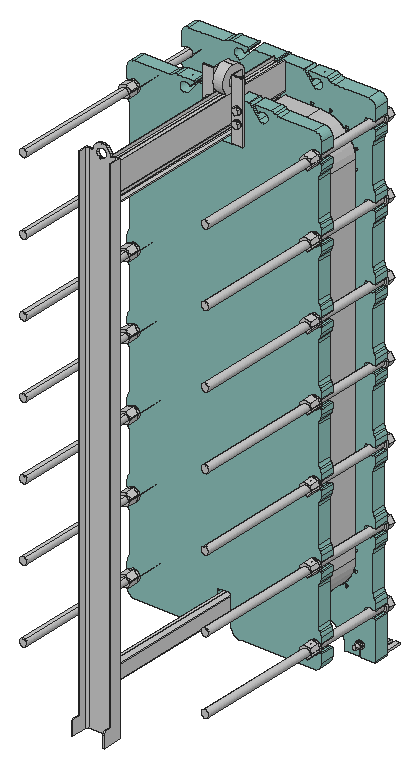
Revit family "MIT 585 - Heat Exchanger", category Specialty Equipment, Revit 2022 (continued)
Forms (mm)
  Extrusion 10, solid, material "Galvanized Steel- S235JR", detail levels fine
    sketch origin (0, 0, 0) x (1, 0, 0) y (0, 0, 1)
      loop
        line (209.164, 216.866) -> (200.367, 205.423) -> (205.879, 192.083) -> (220.187, 190.186) -> (228.984, 201.629) -> (223.473, 214.969) -> (209.164, 216.866)
      loop
        line (-203.233, 497.271) -> (-216.573, 502.783) -> (-228.016, 493.986) -> (-226.119, 479.677) -> (-212.779, 474.165) -> (-201.336, 482.963) -> (-203.233, 497.271)
      loop
        line (-275.287, 463.638) -> (-289.595, 461.741) -> (-295.107, 448.401) -> (-286.31, 436.958) -> (-272.001, 438.855) -> (-266.49, 452.195) -> (-275.287, 463.638)
      loop
        line (-304.665, 309.721) -> (-313.463, 321.164) -> (-327.771, 319.267) -> (-333.283, 305.927) -> (-324.486, 294.484) -> (-310.177, 296.381) -> (-304.665, 309.721)
      loop
        line (-209.164, 216.866) -> (-223.473, 214.969) -> (-228.984, 201.629) -> (-220.187, 190.186) -> (-205.879, 192.083) -> (-200.367, 205.423) -> (-209.164, 216.866)
      loop
        line (149.767, 497.271) -> (136.427, 502.783) -> (124.984, 493.986) -> (126.881, 479.677) -> (140.221, 474.165) -> (151.664, 482.963) -> (149.767, 497.271)
      loop
        line (77.713, 463.638) -> (63.405, 461.741) -> (57.893, 448.401) -> (66.69, 436.958) -> (80.999, 438.855) -> (86.51, 452.195) -> (77.713, 463.638)
      loop
        line (48.335, 309.721) -> (39.537, 321.164) -> (25.229, 319.267) -> (19.717, 305.927) -> (28.514, 294.484) -> (42.823, 296.381) -> (48.335, 309.721)
      loop
        line (143.836, 216.866) -> (129.527, 214.969) -> (124.016, 201.629) -> (132.813, 190.186) -> (147.121, 192.083) -> (152.633, 205.423) -> (143.836, 216.866)
      loop
        line (-149.767, 497.271) -> (-151.664, 482.963) -> (-140.221, 474.165) -> (-126.881, 479.677) -> (-124.984, 493.986) -> (-136.427, 502.783) -> (-149.767, 497.271)
      loop
        line (-77.713, 463.638) -> (-86.51, 452.195) -> (-80.999, 438.855) -> (-66.69, 436.958) -> (-57.893, 448.401) -> (-63.405, 461.741) -> (-77.713, 463.638)
      loop
        line (-48.335, 309.721) -> (-42.823, 296.381) -> (-28.514, 294.484) -> (-19.717, 305.927) -> (-25.229, 319.267) -> (-39.537, 321.164) -> (-48.335, 309.721)
      loop
        line (-143.836, 216.866) -> (-152.633, 205.423) -> (-147.121, 192.083) -> (-132.813, 190.186) -> (-124.016, 201.629) -> (-129.527, 214.969) -> (-143.836, 216.866)
      loop
        line (57.893, 243.599) -> (63.405, 230.259) -> (77.713, 228.362) -> (86.51, 239.805) -> (80.999, 253.145) -> (66.69, 255.042) -> (57.893, 243.599)
      loop
        line (-57.893, 243.599) -> (-66.69, 255.042) -> (-80.999, 253.145) -> (-86.51, 239.805) -> (-77.713, 228.362) -> (-63.405, 230.259) -> (-57.893, 243.599)
      loop
        line (-295.107, 243.599) -> (-289.595, 230.259) -> (-275.287, 228.362) -> (-266.49, 239.805) -> (-272.001, 253.145) -> (-286.31, 255.042) -> (-295.107, 243.599)
      loop
        line (295.107, 243.599) -> (286.31, 255.042) -> (272.001, 253.145) -> (266.49, 239.805) -> (275.287, 228.362) -> (289.595, 230.259) -> (295.107, 243.599)
      loop
        line (47.366, 378.664) -> (45.469, 392.973) -> (32.129, 398.484) -> (20.686, 389.687) -> (22.583, 375.379) -> (35.923, 369.867) -> (47.366, 378.664)
      loop
        line (-305.634, 378.664) -> (-307.531, 392.973) -> (-320.871, 398.484) -> (-332.314, 389.687) -> (-330.417, 375.379) -> (-317.077, 369.867) -> (-305.634, 378.664)
      loop
        line (-47.366, 378.664) -> (-35.923, 369.867) -> (-22.583, 375.379) -> (-20.686, 389.687) -> (-32.129, 398.484) -> (-45.469, 392.973) -> (-47.366, 378.664)
    from -42 to -32
  Extrusion 11, solid, material "Galvanized Steel- S235JR", detail levels fine
    sketch origin (0, 0, 0) x (1, 0, 0) y (0, 0, 1)
      loop
        line (-0.441, 2005.92) -> (-12.714, 1998.325) -> (-12.274, 1983.901) -> (0.443, 1977.067) -> (12.715, 1984.661) -> (12.274, 1999.088) -> (-0.441, 2005.92)
      loop
        line (-0.441, 2065.92) -> (-12.714, 2058.325) -> (-12.274, 2043.901) -> (0.443, 2037.067) -> (12.715, 2044.661) -> (12.274, 2059.088) -> (-0.441, 2065.92)
      loop
        line (-0.441, 227.42) -> (-12.714, 219.825) -> (-12.274, 205.401) -> (0.443, 198.567) -> (12.715, 206.161) -> (12.274, 220.588) -> (-0.441, 227.42)
      loop
        line (-0.441, 167.42) -> (-12.714, 159.825) -> (-12.274, 145.401) -> (0.443, 138.567) -> (12.715, 146.161) -> (12.274, 160.588) -> (-0.441, 167.42)
    from -3 to -13
  Extrusion 12, solid, material "Galvanized Steel- S235JR", detail levels medium+fine
    sketch origin (0, 0, 0) x (1, 0, 0) y (0, 1, 0)
      loop
        line (-67.5, -1035) -> (-62.5, -1035) -> (-62.5, -973)
        arc (-62.5, -973) -> (-59.571, -965.929) -> (-52.5, -963) r 10
        line (-52.5, -963) -> (52.5, -963)
        arc (52.5, -963) -> (59.571, -965.929) -> (62.5, -973) r 10
        line (62.5, -973) -> (62.5, -1035) -> (67.5, -1035) -> (67.5, -955) -> (-67.5, -955) -> (-67.5, -1035)
    from 0 to 2169.894
  Extrusion 13, solid, material "Galvanized Steel- S235JR", detail levels medium+fine
    sketch origin (0, 0, 0) x (1, 0, 0) y (0, 0, 1)
      loop
        circle (373, 1975) r 25
      loop
        circle (373, 1675) r 25
      loop
        circle (373, 1375) r 25
      loop
        circle (373, 1075) r 25
      loop
        circle (373, 775) r 25
      loop
        circle (373, 475) r 25
      loop
        circle (373, 175) r 25
      loop
        circle (373, 175) r 13.25
      loop
        arc (359.751, 475.172) -> (373, 461.75) -> (386.249, 475.172) r 13.25
        arc (386.249, 475.172) -> (373, 488.594) -> (359.751, 475.172) r 13.25
      loop
        circle (373, 775) r 13.25
      loop
        circle (373, 1075) r 13.25
      loop
        circle (373, 1375) r 13.25
      loop
        circle (373, 1675) r 13.25
      loop
        circle (373, 1975) r 13.25
      loop
        circle (-373, 1975) r 25
      loop
        circle (-373, 1675) r 25
      loop
        circle (-373, 1375) r 25
      loop
        circle (-373, 1075) r 25
      loop
        circle (-373, 775) r 25
      loop
        circle (-373, 475) r 25
      loop
        circle (-373, 175) r 25
      loop
        circle (-373, 175) r 13.25
      loop
        arc (-359.751, 475.172) -> (-373, 488.594) -> (-386.249, 475.172) r 13.25
        arc (-386.249, 475.172) -> (-373, 461.75) -> (-359.751, 475.172) r 13.25
      loop
        circle (-373, 775) r 13.25
      loop
        circle (-373, 1075) r 13.25
      loop
        circle (-373, 1375) r 13.25
      loop
        circle (-373, 1675) r 13.25
      loop
        circle (-373, 1975) r 13.25
    from 0 to -8
  Extrusion 14, solid, material "Galvanized Steel- S235JR", detail levels fine
    sketch origin (4.063, -335, 0) x (1, 0, 0) y (0, 0, 1)
      loop
        line (-369.963, 2000.591) -> (-395.676, 1993.945) -> (-402.776, 1968.353) -> (-384.163, 1949.409) -> (-358.45, 1956.055) -> (-351.35, 1981.647) -> (-369.963, 2000.591)
      loop
        circle (-377.063, 1975) r 13.25
      loop
        line (-369.963, 1700.638) -> (-395.676, 1693.992) -> (-402.776, 1668.4) -> (-384.163, 1649.456) -> (-358.45, 1656.102) -> (-351.35, 1681.693) -> (-369.963, 1700.638)
      loop
        circle (-377.063, 1675.047) r 13.25
      loop
        line (-369.963, 1400.591) -> (-395.676, 1393.945) -> (-402.776, 1368.353) -> (-384.163, 1349.409) -> (-358.45, 1356.055) -> (-351.35, 1381.647) -> (-369.963, 1400.591)
      loop
        circle (-377.063, 1375) r 13.25
      loop
        line (-369.963, 1100.591) -> (-395.676, 1093.945) -> (-402.776, 1068.353) -> (-384.163, 1049.409) -> (-358.45, 1056.055) -> (-351.35, 1081.647) -> (-369.963, 1100.591)
      loop
        circle (-377.063, 1075) r 13.25
      loop
        line (-369.963, 800.591) -> (-395.676, 793.945) -> (-402.776, 768.353) -> (-384.163, 749.409) -> (-358.45, 756.055) -> (-351.35, 781.647) -> (-369.963, 800.591)
      loop
        circle (-377.063, 775) r 13.25
      loop
        line (-369.963, 500.591) -> (-395.676, 493.945) -> (-402.776, 468.353) -> (-384.163, 449.409) -> (-358.45, 456.055) -> (-351.35, 481.647) -> (-369.963, 500.591)
      loop
        circle (-377.063, 475) r 13.25
      loop
        line (-369.963, 200.591) -> (-395.676, 193.945) -> (-402.776, 168.353) -> (-384.163, 149.409) -> (-358.45, 156.055) -> (-351.35, 181.647) -> (-369.963, 200.591)
      loop
        circle (-377.063, 175) r 13.25
      loop
        line (361.837, 2000.591) -> (343.224, 1981.647) -> (350.324, 1956.055) -> (376.037, 1949.409) -> (394.65, 1968.353) -> (387.55, 1993.945) -> (361.837, 2000.591)
      loop
        circle (368.937, 1975) r 13.25
      loop
        line (361.837, 1700.638) -> (343.224, 1681.693) -> (350.324, 1656.102) -> (376.037, 1649.456) -> (394.65, 1668.4) -> (387.55, 1693.992) -> (361.837, 1700.638)
      loop
        circle (368.937, 1675.047) r 13.25
      loop
        line (361.837, 1400.591) -> (343.224, 1381.647) -> (350.324, 1356.055) -> (376.037, 1349.409) -> (394.65, 1368.353) -> (387.55, 1393.945) -> (361.837, 1400.591)
      loop
        circle (368.937, 1375) r 13.25
      loop
        line (361.837, 1100.591) -> (343.224, 1081.647) -> (350.324, 1056.055) -> (376.037, 1049.409) -> (394.65, 1068.353) -> (387.55, 1093.945) -> (361.837, 1100.591)
      loop
        circle (368.937, 1075) r 13.25
      loop
        line (361.837, 800.591) -> (343.224, 781.647) -> (350.324, 756.055) -> (376.037, 749.409) -> (394.65, 768.353) -> (387.55, 793.945) -> (361.837, 800.591)
      loop
        circle (368.937, 775) r 13.25
      loop
        line (361.837, 500.591) -> (343.224, 481.647) -> (350.324, 456.055) -> (376.037, 449.409) -> (394.65, 468.353) -> (387.55, 493.945) -> (361.837, 500.591)
      loop
        circle (368.937, 475) r 13.25
      loop
        line (361.837, 200.591) -> (343.224, 181.647) -> (350.324, 156.055) -> (376.037, 149.409) -> (394.65, 168.353) -> (387.55, 193.945) -> (361.837, 200.591)
      loop
        circle (368.937, 175) r 13.25
    from 8 to 48.4
  Extrusion 15, solid, material "Galvanized Steel- S235JR", detail levels fine
    sketch origin (4.063, -335, 0) x (1, 0, 0) y (0, 0, 1)
      loop
        circle (-377.063, 1975) r 25
      loop
        circle (-377.063, 1675) r 25
      loop
        circle (-377.063, 1375) r 25
      loop
        circle (-377.063, 1075) r 25
      loop
        circle (-377.063, 775) r 25
      loop
        circle (-377.063, 475) r 25
      loop
        circle (-377.063, 175) r 25
      loop
        circle (368.937, 1975) r 25
      loop
        circle (368.937, 1675) r 25
      loop
        circle (368.937, 1375) r 25
      loop
        circle (368.937, 1075) r 25
      loop
        circle (368.937, 775) r 25
      loop
        circle (368.937, 475) r 25
      loop
        circle (368.937, 175) r 25
    from 8 to 0
  Extrusion 16, solid, material "Galvanized Steel- S235JR", detail levels medium+fine
    sketch origin (0, 0, 0) x (1, 0, 0) y (0, 0, 1)
      loop
        line (386.341, 1997.964) -> (359.783, 1998.036) -> (346.442, 1975.072) -> (359.659, 1952.036) -> (386.217, 1951.964) -> (399.558, 1974.928) -> (386.341, 1997.964)
      loop
        line (386.341, 1697.964) -> (359.783, 1698.036) -> (346.442, 1675.072) -> (359.659, 1652.036) -> (386.217, 1651.964) -> (399.558, 1674.928) -> (386.341, 1697.964)
      loop
        line (386.341, 1397.964) -> (359.783, 1398.036) -> (346.442, 1375.072) -> (359.659, 1352.036) -> (386.217, 1351.964) -> (399.558, 1374.928) -> (386.341, 1397.964)
      loop
        line (386.341, 1097.964) -> (359.783, 1098.036) -> (346.442, 1075.072) -> (359.659, 1052.036) -> (386.217, 1051.964) -> (399.558, 1074.928) -> (386.341, 1097.964)
      loop
        line (386.341, 798.308) -> (359.783, 798.38) -> (346.442, 775.416) -> (359.659, 752.38) -> (386.217, 752.308) -> (399.558, 775.272) -> (386.341, 798.308)
      loop
        line (386.341, 498.308) -> (359.783, 498.38) -> (346.442, 475.416) -> (359.659, 452.38) -> (386.217, 452.308) -> (399.558, 475.272) -> (386.341, 498.308)
      loop
        line (386.341, 197.876) -> (359.783, 197.948) -> (346.442, 174.984) -> (359.659, 151.948) -> (386.217, 151.876) -> (399.558, 174.84) -> (386.341, 197.876)
      loop
        line (-386.341, 1997.964) -> (-399.558, 1974.928) -> (-386.217, 1951.964) -> (-359.659, 1952.036) -> (-346.442, 1975.072) -> (-359.783, 1998.036) -> (-386.341, 1997.964)
      loop
        line (-386.341, 1697.964) -> (-399.558, 1674.928) -> (-386.217, 1651.964) -> (-359.659, 1652.036) -> (-346.442, 1675.072) -> (-359.783, 1698.036) -> (-386.341, 1697.964)
      loop
        line (-386.341, 1397.964) -> (-399.558, 1374.928) -> (-386.217, 1351.964) -> (-359.659, 1352.036) -> (-346.442, 1375.072) -> (-359.783, 1398.036) -> (-386.341, 1397.964)
      loop
        line (-386.341, 1097.964) -> (-399.558, 1074.928) -> (-386.217, 1051.964) -> (-359.659, 1052.036) -> (-346.442, 1075.072) -> (-359.783, 1098.036) -> (-386.341, 1097.964)
      loop
        line (-386.341, 798.308) -> (-399.558, 775.272) -> (-386.217, 752.308) -> (-359.659, 752.38) -> (-346.442, 775.416) -> (-359.783, 798.38) -> (-386.341, 798.308)
      loop
        line (-386.341, 498.308) -> (-399.558, 475.272) -> (-386.217, 452.308) -> (-359.659, 452.38) -> (-346.442, 475.416) -> (-359.783, 498.38) -> (-386.341, 498.308)
      loop
        line (-386.341, 197.876) -> (-399.558, 174.84) -> (-386.217, 151.876) -> (-359.659, 151.948) -> (-346.442, 174.984) -> (-359.783, 197.948) -> (-386.341, 197.876)
    from -8 to -38.2
  Extrusion 17, solid, material "Galvanized Steel- S235JR", detail levels fine
    sketch origin (0, 0, 0) x (1, 0, 0) y (0, 0, 1)
      loop
        circle (176.5, 1824) r 170
      loop
        circle (176.5, 1824) r 110.75
      loop
        circle (318.974, 1862.176) r 7
      loop
        circle (318.974, 1785.824) r 7
      loop
        circle (280.798, 1928.298) r 7
      loop
        circle (214.676, 1966.474) r 7
      loop
        circle (280.798, 1719.702) r 7
      loop
        circle (214.676, 1681.526) r 7
      loop
        circle (34.026, 1862.176) r 7
      loop
        circle (34.026, 1785.824) r 7
      loop
        circle (72.202, 1928.298) r 7
      loop
        circle (138.324, 1966.474) r 7
      loop
        circle (72.202, 1719.702) r 7
      loop
        circle (138.324, 1681.526) r 7
      loop
        circle (176.5, 346) r 170
      loop
        circle (176.5, 346) r 110.75
      loop
        circle (318.974, 384.176) r 7
      loop
        circle (318.974, 307.824) r 7
      loop
        circle (280.798, 450.298) r 7
      loop
        circle (214.676, 488.474) r 7
      loop
        circle (280.798, 241.702) r 7
      loop
        circle (214.676, 203.526) r 7
      loop
        circle (34.026, 384.176) r 7
      loop
        circle (34.026, 307.824) r 7
      loop
        circle (72.202, 450.298) r 7
      loop
        circle (138.324, 488.474) r 7
      loop
        circle (72.202, 241.702) r 7
      loop
        circle (138.324, 203.526) r 7
      loop
        circle (-176.5, 1824) r 170
      loop
        circle (-176.5, 1824) r 110.75
      loop
        circle (-318.974, 1862.176) r 7
      loop
        circle (-318.974, 1785.824) r 7
      loop
        circle (-280.798, 1928.298) r 7
      loop
        circle (-214.676, 1966.474) r 7
      loop
        circle (-280.798, 1719.702) r 7
      loop
        circle (-214.676, 1681.526) r 7
      loop
        circle (-34.026, 1862.176) r 7
      loop
        circle (-34.026, 1785.824) r 7
      loop
        circle (-72.202, 1928.298) r 7
      loop
        circle (-138.324, 1966.474) r 7
      loop
        circle (-72.202, 1719.702) r 7
      loop
        circle (-138.324, 1681.526) r 7
      loop
        circle (-176.5, 346) r 170
      loop
        circle (-176.5, 346) r 110.75
      loop
        circle (-318.974, 384.176) r 7
      loop
        circle (-318.974, 307.824) r 7
      loop
        circle (-280.798, 450.298) r 7
      loop
        circle (-214.676, 488.474) r 7
      loop
        circle (-280.798, 241.702) r 7
      loop
        circle (-214.676, 203.526) r 7
      loop
        circle (-34.026, 384.176) r 7
      loop
        circle (-34.026, 307.824) r 7
      loop
        circle (-72.202, 450.298) r 7
      loop
        circle (-138.324, 488.474) r 7
      loop
        circle (-72.202, 241.702) r 7
      loop
        circle (-138.324, 203.526) r 7
    from -30 to 0
  Extrusion 18, void
    sketch origin (202.5, -37.5, 7.5) x (0, 1, 0) y (-1, 0, 0)
      loop
        line (122.5, -82.031) -> (122.5, 486.875) -> (37.5, 486.875) -> (37.5, -82.031) -> (122.5, -82.031)
      loop
        line (88.664, -115.031) -> (122.5, -115.031) -> (122.5, -98.031) -> (88.664, -98.031)
        arc (88.664, -98.031) -> (72, -106.531) -> (88.664, -115.031) r 10.5
      loop
        line (88.664, -165.031) -> (122.5, -165.031) -> (122.5, -148.031) -> (88.664, -148.031)
        arc (88.664, -148.031) -> (72, -156.531) -> (88.664, -165.031) r 10.5
      loop
        line (88.664, 502.875) -> (122.5, 502.875) -> (122.5, 519.875) -> (88.664, 519.875)
        arc (88.664, 519.875) -> (72, 511.375) -> (88.664, 502.875) r 10.5
      loop
        line (88.664, 552.875) -> (122.5, 552.875) -> (122.5, 569.875) -> (88.664, 569.875)
        arc (88.664, 569.875) -> (72, 561.375) -> (88.664, 552.875) r 10.5
    from -7.5 to 77.5
  Extrusion 19, solid, material "Galvanized Steel- S235JR"
    sketch origin (0, 0, 0) x (0, 1, 0) y (0, 0, 1)
      loop
        line (8, 11) -> (8, 85) -> (0, 85) -> (0, 3)
        arc (0, 3) -> (0.879, 0.879) -> (3, 0) r 3
        line (3, 0) -> (85, 0) -> (85, 8) -> (11, 8)
        arc (11, 8) -> (8.879, 8.879) -> (8, 11) r 3
    from -384 to 384
  Extrusion 20, solid, material "Galvanized Steel- S235JR", detail levels fine
    sketch origin (0, 0, 0) x (1, 0, 0) y (0, 0, 1)
      loop
        circle (0, 2051.5) r 15
      loop
        circle (0, 1991.5) r 15
      loop
        circle (0, 213) r 15
      loop
        circle (0, 153) r 15
    from 0 to -3
  Extrusion 21, solid, material "Galvanized Steel- S235JR", detail levels fine
    sketch origin (0, 0, 0) x (1, 0, 0) y (0, 0, 1)
      loop
        circle (176.5, 1824) r 134
      loop
        circle (176.5, 1824) r 90
      loop
        circle (176.5, 346) r 134
      loop
        circle (176.5, 346) r 90
      loop
        circle (-176.5, 1824) r 134
      loop
        circle (-176.5, 1824) r 90
      loop
        circle (-176.5, 346) r 134
      loop
        circle (-176.5, 346) r 90
    from 0 to 55
  Extrusion 22, solid, material "Galvanized Steel- S235JR"
    sketch origin (4.063, -335, 259.967) x (1, 0, 0) y (0, 0, 1)
      loop
        line (77.937, 1650.6) -> (77.937, 1900.6) -> (32.937, 1900.6) -> (32.937, 1650.6) -> (77.937, 1650.6)
      loop
        line (-86.063, 1650.6) -> (-41.063, 1650.6) -> (-41.063, 1900.6) -> (-86.063, 1900.6) -> (-86.063, 1650.6)
      loop
        circle (-61.775, 1778.105) r 8
      loop
        circle (-61.775, 1728.105) r 8
      loop
        circle (53.645, 1778.105) r 8
      loop
        circle (53.645, 1728.105) r 8
    from 6 to 2
  Extrusion 23, solid, material "Galvanized Steel- S235JR"
    sketch origin (4.063, -337, 259.967) x (-1, 0, 0) y (0, 0, 1)
      loop
        line (-32.937, 1650.6) -> (-32.937, 1900.6) -> (-36.937, 1900.6) -> (-36.937, 1650.6) -> (-32.937, 1650.6)
      loop
        line (41.063, 1650.6) -> (45.063, 1650.6) -> (45.063, 1900.6) -> (41.063, 1900.6) -> (41.063, 1650.6)
    from 0 to 42
  Extrusion 24, solid, material "Galvanized Steel- S235JR"
    sketch origin (-37, -331.687, 1936.497) x (0, 0, 1) y (0, -1, 0)
      loop
        circle (190, -19) r 55
      loop
        circle (190, -19) r 25
    from 17 to 57
  Extrusion 25, solid, material "Galvanized Steel- S235JR"
    sketch origin (-37, -331.688, 1936.506) x (0, 0, 1) y (0, -1, 0)
      loop
        circle (190, -19) r 24.5
    from 0 to 74
  Extrusion 26, solid, material "Galvanized Steel- S235JR"
    sketch origin (-37, -331.687, 1936.497) x (0, 0, 1) y (0, -1, 0)
      loop
        circle (190, -19) r 8
    from -24.052 to 98.5
  Extrusion 27, solid, material "Galvanized Steel- S235JR", detail levels fine
    sketch origin (-37, -331.687, 1936.497) x (0, 0, 1) y (0, -1, 0)
      loop
        line (202.813, -23.837) -> (199.73, -9.822) -> (186.917, -5.985) -> (177.187, -15.163) -> (180.27, -29.178) -> (193.083, -33.015) -> (202.813, -23.837)
    from -15 to 89
  Extrusion 28, solid, material "Galvanized Steel- S235JR", detail levels fine
    sketch origin (-37, -331.687, 1936.497) x (0, 0, 1) y (0, -1, 0)
      loop
        circle (190, -19) r 15
    from -7 to 81
  Extrusion 29, solid, material "Galvanized Steel- S235JR", detail levels medium+fine
    sketch origin (4.063, -335, 620) x (1, 0, 0) y (0, 0, 1)
      loop
        circle (53.645, 1418.117) r 15
      loop
        circle (53.645, 1368.117) r 15
      loop
        circle (-61.771, 1418.117) r 15
      loop
        circle (-61.771, 1368.117) r 15
    from 7.3 to 6
  Extrusion 30, solid, material "Galvanized Steel- S235JR", detail levels medium+fine
    sketch origin (4.063, -335, 620) x (1, 0, 0) y (0, 0, 1)
      loop
        line (66.637, 1424.403) -> (54.697, 1432.512) -> (41.704, 1426.226) -> (40.652, 1411.83) -> (52.592, 1403.721) -> (65.585, 1410.007) -> (66.637, 1424.403)
      loop
        line (54.697, 1382.512) -> (41.704, 1376.226) -> (40.652, 1361.83) -> (52.592, 1353.721) -> (65.585, 1360.007) -> (66.637, 1374.403) -> (54.697, 1382.512)
      loop
        line (-74.764, 1424.403) -> (-73.711, 1410.007) -> (-60.718, 1403.721) -> (-48.778, 1411.83) -> (-49.83, 1426.226) -> (-62.823, 1432.512) -> (-74.764, 1424.403)
      loop
        line (-62.823, 1382.512) -> (-74.764, 1374.403) -> (-73.711, 1360.007) -> (-60.718, 1353.721) -> (-48.778, 1361.83) -> (-49.83, 1376.226) -> (-62.823, 1382.512)
    from 17.3 to 7.3
  Extrusion 31, solid, material "AISI 316L/Titanium/Hastelloy", detail levels fine
    sketch origin (4.063, -280, 278.462) x (-1, 0, 0) y (0, 0, 1)
      loop
        circle (61.775, 1759.61) r 15
      loop
        circle (61.775, 1709.61) r 15
      loop
        circle (-53.645, 1759.61) r 15
      loop
        circle (-53.645, 1709.61) r 15
    from 0 to 2.7
  Extrusion 32, solid, material "AISI 316L/Titanium/Hastelloy", detail levels fine
    sketch origin (4.063, -280, 620) x (-1, 0, 0) y (0, 0, 1)
      loop
        line (73.378, 1424.725) -> (61.815, 1431.447) -> (50.212, 1424.794) -> (50.173, 1411.419) -> (61.736, 1404.697) -> (73.339, 1411.35) -> (73.378, 1424.725)
      loop
        line (61.815, 1381.447) -> (50.212, 1374.794) -> (50.173, 1361.419) -> (61.736, 1354.697) -> (73.339, 1361.35) -> (73.378, 1374.725) -> (61.815, 1381.447)
      loop
        line (-65.252, 1424.725) -> (-65.213, 1411.35) -> (-53.61, 1404.697) -> (-42.047, 1411.419) -> (-42.086, 1424.794) -> (-53.689, 1431.447) -> (-65.252, 1424.725)
      loop
        line (-53.689, 1381.447) -> (-65.252, 1374.725) -> (-65.213, 1361.35) -> (-53.61, 1354.697) -> (-42.047, 1361.419) -> (-42.086, 1374.794) -> (-53.689, 1381.447)
    from 3 to 10.7
  Extrusion 33, solid, material "AISI 316L/Titanium/Hastelloy"
    sketch origin (4.063, -280, 620) x (-1, 0, 0) y (0, 0, 1)
      loop
        circle (61.775, 1418.072) r 8
      loop
        circle (61.775, 1368.072) r 8
      loop
        circle (-53.645, 1418.072) r 8
      loop
        circle (-53.645, 1368.072) r 8
    from -61 to 24.122
  Extrusion 34, solid, material "AISI 316L/Titanium/Hastelloy", detail levels fine
    sketch origin (0, -55, 0) x (-1, 0, 0) y (0, 0, 1)
      loop
        arc (7.916, 1931.745) -> (0, 1933.5) -> (-7.916, 1931.745) r 18.731
        line (-7.916, 1931.745) -> (-25.464, 1923.562)
        arc (-25.464, 1923.562) -> (-33.03, 1925.728) -> (-31.943, 1933.522) r 6
        line (-31.943, 1933.522) -> (-20.5, 1943.5) -> (-20.5, 1949.5) -> (-30, 1959) -> (-172, 1959)
        arc (-172, 1959) -> (-270.995, 1917.995) -> (-312, 1819) r 140
        line (-312, 1819) -> (-312, 351)
        arc (-312, 351) -> (-270.995, 252.005) -> (-172, 211) r 140
        line (-172, 211) -> (-30, 211) -> (-20.5, 220.5) -> (-20.5, 226.5) -> (-31.943, 236.478)
        arc (-31.943, 236.478) -> (-33.03, 244.272) -> (-25.464, 246.438) r 6
        line (-25.464, 246.438) -> (-7.916, 238.255)
        arc (-7.916, 238.255) -> (0, 236.5) -> (7.916, 238.255) r 18.731
        line (7.916, 238.255) -> (25.464, 246.438)
        arc (25.464, 246.438) -> (33.03, 244.272) -> (31.943, 236.478) r 6
        line (31.943, 236.478) -> (20.5, 226.5) -> (20.5, 220.5) -> (30, 211) -> (172, 211)
        arc (172, 211) -> (270.995, 252.005) -> (312, 351) r 140
        line (312, 351) -> (312, 1819)
        arc (312, 1819) -> (270.995, 1917.995) -> (172, 1959) r 140
        line (172, 1959) -> (30, 1959) -> (20.5, 1949.5) -> (20.5, 1943.5) -> (31.943, 1933.522)
        arc (31.943, 1933.522) -> (33.03, 1925.728) -> (25.464, 1923.562) r 6
        line (25.464, 1923.562) -> (7.916, 1931.745)
      loop
        circle (-176.5, 1824) r 100
      loop
        circle (176.5, 1824) r 100
      loop
        circle (-176.5, 346) r 100
      loop
        circle (176.5, 346) r 100
    from 0 to -225
  Extrusion 35, void
    sketch origin (-52.5, -963, 0) x (1, 0, 0) y (0, 0, 1)
      loop
        arc (17, 2134) -> (52.5, 2169.5) -> (88, 2134) r 35.5
        line (88, 2134) -> (120, 2134) -> (120, 2211.368) -> (-15, 2211.368) -> (-15, 2134) -> (17, 2134)
      loop
        circle (52.5, 2132.5) r 20
    from -8 to 72
  Extrusion 36, void
    sketch origin (-67.5, -1035, 0) x (0, 1, 0) y (0, 0, -1)
      loop
        arc (15, -60) -> (4.393, -55.607) -> (0, -45) r 15
        line (0, -45) -> (0, -2134) -> (35, -2134) -> (35, -60) -> (15, -60)
    from -143.878 to 16.14
  Extrusion 37, solid, material "Galvanized Steel- S235JR", detail levels fine
    sketch origin (0, 0, 0) x (1, 0, 0) y (0, 0, 1)
      loop
        circle (334, 45) r 15
      loop
        circle (-334, 45) r 15
    from -11 to -8
  Extrusion 38, solid, material "Galvanized Steel", detail levels medium
    sketch origin (4.063, 0, 0) x (1, 0, 0) y (0, 0, 1)
      loop
        line (195.437, 2080) -> (-203.563, 2080) -> (-224.348, 2068) -> (-373.063, 2068)
        arc (-373.063, 2068) -> (-394.276, 2059.213) -> (-403.063, 2038) r 30
        line (-403.063, 2038) -> (-403.063, 5)
        arc (-403.063, 5) -> (-401.599, 1.464) -> (-398.063, 0) r 5
        line (-398.063, 0) -> (-278.063, 0)
        arc (-278.063, 0) -> (-274.527, 1.464) -> (-273.063, 5) r 5
        line (-273.063, 5) -> (-273.063, 38.787)
        arc (-273.063, 38.787) -> (-271.921, 44.527) -> (-268.67, 49.393) r 15
        line (-268.67, 49.393) -> (-232.456, 85.607)
        arc (-232.456, 85.607) -> (-227.59, 88.858) -> (-221.85, 90) r 15
        line (-221.85, 90) -> (213.724, 90)
        arc (213.724, 90) -> (219.464, 88.858) -> (224.33, 85.607) r 15
        line (224.33, 85.607) -> (260.544, 49.393)
        arc (260.544, 49.393) -> (263.795, 44.527) -> (264.937, 38.787) r 15
        line (264.937, 38.787) -> (264.937, 5)
        arc (264.937, 5) -> (266.401, 1.464) -> (269.937, 0) r 5
        line (269.937, 0) -> (389.937, 0)
        arc (389.937, 0) -> (393.473, 1.464) -> (394.937, 5) r 5
        line (394.937, 5) -> (394.937, 2038)
        arc (394.937, 2038) -> (386.15, 2059.213) -> (364.937, 2068) r 30
        line (364.937, 2068) -> (216.222, 2068) -> (195.437, 2080)
      loop
        circle (172.437, 1824) r 134
      loop
        circle (172.437, 346) r 134
      loop
        circle (368.937, 175) r 21
      loop
        circle (368.937, 475) r 21
      loop
        circle (368.937, 775) r 21
      loop
        circle (368.937, 1075) r 21
      loop
        circle (368.937, 1375) r 21
      loop
        circle (368.937, 1675) r 21
      loop
        circle (368.937, 1975) r 21
      loop
        circle (155.937, 2045) r 21
      loop
        circle (-4.063, 153) r 9.5
      loop
        circle (-4.063, 213) r 9.5
      loop
        circle (329.937, 45) r 10.5
      loop
        circle (-4.063, 1991.5) r 9.5
      loop
        circle (-4.063, 2051.5) r 9.5
      loop
        circle (-180.563, 1824) r 134
      loop
        circle (-180.563, 346) r 134
      loop
        circle (-377.063, 175) r 21
      loop
        circle (-377.063, 475) r 21
      loop
        circle (-377.063, 775) r 21
      loop
        circle (-377.063, 1075) r 21
      loop
        circle (-377.063, 1375) r 21
      loop
        circle (-377.063, 1675) r 21
      loop
        circle (-377.063, 1975) r 21
      loop
        circle (-164.063, 2045) r 21
      loop
        circle (-338.063, 45) r 10.5
    from 0 to 55
  Extrusion 39, solid, material "Galvanized Steel", detail levels medium
    sketch origin (4.063, -280, 0) x (-1, 0, 0) y (0, 0, 1)
      loop
        line (31.563, 90) -> (403.063, 90) -> (403.063, 2038)
        arc (403.063, 2038) -> (394.276, 2059.213) -> (373.063, 2068) r 30
        line (373.063, 2068) -> (224.348, 2068) -> (203.563, 2080) -> (62.313, 2080) -> (62.313, 2055) -> (45.063, 2055) -> (45.063, 1903.5)
        arc (45.063, 1903.5) -> (44.184, 1901.379) -> (42.063, 1900.5) r 3
        line (42.063, 1900.5) -> (-33.937, 1900.5)
        arc (-33.937, 1900.5) -> (-36.058, 1901.379) -> (-36.937, 1903.5) r 3
        line (-36.937, 1903.5) -> (-36.937, 2055) -> (-54.187, 2055) -> (-54.187, 2080) -> (-195.437, 2080) -> (-216.222, 2068) -> (-364.937, 2068)
        arc (-364.937, 2068) -> (-386.15, 2059.213) -> (-394.937, 2038) r 30
        line (-394.937, 2038) -> (-394.937, 90) -> (-23.437, 90) -> (-23.437, 250) -> (31.563, 250) -> (31.563, 90)
      loop
        circle (-368.937, 175) r 21
      loop
        circle (-368.937, 475) r 21
      loop
        circle (-368.937, 775) r 21
      loop
        circle (-368.937, 1075) r 21
      loop
        circle (-368.937, 1375) r 21
      loop
        circle (-368.937, 1675) r 21
      loop
        circle (-368.937, 1975) r 21
      loop
        circle (-155.937, 2045) r 21
      loop
        circle (377.063, 175) r 21
      loop
        circle (377.063, 475) r 21
      loop
        circle (377.063, 775) r 21
      loop
        circle (377.063, 1075) r 21
      loop
        circle (377.063, 1375) r 21
      loop
        circle (377.063, 1675) r 21
      loop
        circle (377.063, 1975) r 21
      loop
        circle (164.063, 2045) r 21
      loop
        circle (61.771, 1988.072) r 10.5
      loop
        circle (-53.645, 2038.072) r 10.5
      loop
        circle (-53.645, 1988.072) r 10.5
      loop
        circle (61.771, 2038.072) r 10.5
    from 0 to -55 <- "Follower Plate"
  Extrusion 40, solid, material "Galvanized Steel- S235JR", detail levels medium
    sketch origin (0, 0, 0) x (1, 0, 0) y (0, 0, 1)
      loop
        circle (176.5, 1824) r 170
      loop
        circle (176.5, 1824) r 110.75
      loop
        circle (176.5, 346) r 170
      loop
        circle (176.5, 346) r 110.75
      loop
        circle (-176.5, 1824) r 170
      loop
        circle (-176.5, 1824) r 110.75
      loop
        circle (-176.5, 346) r 170
      loop
        circle (-176.5, 346) r 110.75
    from -30 to 0
  Extrusion 41, solid, material "Galvanized Steel- S235JR", detail levels medium
    sketch origin (0, 0, 0) x (1, 0, 0) y (0, 0, 1)
      loop
        circle (176.5, 1824) r 134
      loop
        circle (176.5, 1824) r 90
      loop
        circle (176.5, 346) r 134
      loop
        circle (176.5, 346) r 90
      loop
        circle (-176.5, 1824) r 134
      loop
        circle (-176.5, 1824) r 90
      loop
        circle (-176.5, 346) r 134
      loop
        circle (-176.5, 346) r 90
    from 0 to 55
  Extrusion 42, solid, material "AISI 316L/Titanium/Hastelloy", detail levels medium
    sketch origin (0, -55, 0) x (-1, 0, 0) y (0, 0, 1)
      loop
        arc (7.916, 1931.745) -> (0, 1933.5) -> (-7.916, 1931.745) r 18.731
        line (-7.916, 1931.745) -> (-25.464, 1923.562)
        arc (-25.464, 1923.562) -> (-33.03, 1925.728) -> (-31.943, 1933.522) r 6
        line (-31.943, 1933.522) -> (-20.5, 1943.5) -> (-20.5, 1949.5) -> (-30, 1959) -> (-172, 1959)
        arc (-172, 1959) -> (-270.995, 1917.995) -> (-312, 1819) r 140
        line (-312, 1819) -> (-312, 351)
        arc (-312, 351) -> (-270.995, 252.005) -> (-172, 211) r 140
        line (-172, 211) -> (-30, 211) -> (-20.5, 220.5) -> (-20.5, 226.5) -> (-31.943, 236.478)
        arc (-31.943, 236.478) -> (-33.03, 244.272) -> (-25.464, 246.438) r 6
        line (-25.464, 246.438) -> (-7.916, 238.255)
        arc (-7.916, 238.255) -> (0, 236.5) -> (7.916, 238.255) r 18.731
        line (7.916, 238.255) -> (25.464, 246.438)
        arc (25.464, 246.438) -> (33.03, 244.272) -> (31.943, 236.478) r 6
        line (31.943, 236.478) -> (20.5, 226.5) -> (20.5, 220.5) -> (30, 211) -> (172, 211)
        arc (172, 211) -> (270.995, 252.005) -> (312, 351) r 140
        line (312, 351) -> (312, 1819)
        arc (312, 1819) -> (270.995, 1917.995) -> (172, 1959) r 140
        line (172, 1959) -> (30, 1959) -> (20.5, 1949.5) -> (20.5, 1943.5) -> (31.943, 1933.522)
        arc (31.943, 1933.522) -> (33.03, 1925.728) -> (25.464, 1923.562) r 6
        line (25.464, 1923.562) -> (7.916, 1931.745)
      loop
        circle (-176.5, 1824) r 100
      loop
        circle (176.5, 1824) r 100
      loop
        circle (-176.5, 346) r 100
      loop
        circle (176.5, 346) r 100
    from 0 to -225
  Extrusion 43, solid, material "Galvanized Steel", detail levels coarse
    sketch origin (4.063, 0, 0) x (1, 0, 0) y (0, 0, 1)
      loop
        line (-403.063, 2080) -> (-403.063, 5)
        arc (-403.063, 5) -> (-401.599, 1.464) -> (-398.063, 0) r 5
        line (-398.063, 0) -> (389.937, 0)
        arc (389.937, 0) -> (393.473, 1.464) -> (394.937, 5) r 5
        line (394.937, 5) -> (394.937, 2080) -> (-403.063, 2080)
      loop
        circle (368.937, 175) r 21
      loop
        circle (368.937, 475) r 21
      loop
        circle (368.937, 775) r 21
      loop
        circle (368.937, 1075) r 21
      loop
        circle (368.937, 1375) r 21
      loop
        circle (368.937, 1675) r 21
      loop
        circle (368.937, 1975) r 21
      loop
        circle (155.937, 2045) r 21
      loop
        circle (-4.063, 153) r 9.5
      loop
        circle (-4.063, 213) r 9.5
      loop
        circle (329.937, 45) r 10.5
      loop
        circle (-4.063, 1991.5) r 9.5
      loop
        circle (-4.063, 2051.5) r 9.5
      loop
        circle (-377.063, 175) r 21
      loop
        circle (-377.063, 475) r 21
      loop
        circle (-377.063, 775) r 21
      loop
        circle (-377.063, 1075) r 21
      loop
        circle (-377.063, 1375) r 21
      loop
        circle (-377.063, 1675) r 21
      loop
        circle (-377.063, 1975) r 21
      loop
        circle (-164.063, 2045) r 21
      loop
        circle (-338.063, 45) r 10.5
    from 0 to 55
  Extrusion 44, solid, material "Galvanized Steel", detail levels coarse
    sketch origin (4.063, -280, 0) x (-1, 0, 0) y (0, 0, 1)
      loop
        line (31.563, 90) -> (403.063, 90) -> (403.063, 2080) -> (62.313, 2080) -> (62.313, 2055) -> (45.063, 2055) -> (45.063, 1903.5)
        arc (45.063, 1903.5) -> (44.184, 1901.379) -> (42.063, 1900.5) r 3
        line (42.063, 1900.5) -> (-33.937, 1900.5)
        arc (-33.937, 1900.5) -> (-36.058, 1901.379) -> (-36.937, 1903.5) r 3
        line (-36.937, 1903.5) -> (-36.937, 2055) -> (-54.187, 2055) -> (-54.187, 2080) -> (-394.937, 2080) -> (-394.937, 90) -> (-23.437, 90) -> (-23.437, 250) -> (31.563, 250) -> (31.563, 90)
      loop
        circle (-368.937, 175) r 21
      loop
        circle (-368.937, 475) r 21
      loop
        circle (-368.937, 775) r 21
      loop
        circle (-368.937, 1075) r 21
      loop
        circle (-368.937, 1375) r 21
      loop
        circle (-368.937, 1675) r 21
      loop
        circle (-368.937, 1975) r 21
      loop
        circle (-155.937, 2045) r 21
      loop
        circle (377.063, 175) r 21
      loop
        circle (377.063, 475) r 21
      loop
        circle (377.063, 775) r 21
      loop
        circle (377.063, 1075) r 21
      loop
        circle (377.063, 1375) r 21
      loop
        circle (377.063, 1675) r 21
      loop
        circle (377.063, 1975) r 21
      loop
        circle (164.063, 2045) r 21
      loop
        circle (61.771, 1988.072) r 10.5
      loop
        circle (-53.645, 2038.072) r 10.5
      loop
        circle (-53.645, 1988.072) r 10.5
      loop
        circle (61.771, 2038.072) r 10.5
    from 0 to -55 <- "Follower Plate"
  Extrusion 45, solid, material "Galvanized Steel- S235JR", detail levels coarse
    sketch origin (0, 0, 0) x (1, 0, 0) y (0, 0, 1)
      loop
        circle (176.5, 1824) r 170
      loop
        circle (176.5, 346) r 170
      loop
        circle (-176.5, 1824) r 170
      loop
        circle (-176.5, 346) r 170
    from -30 to 0
  Extrusion 46, solid, material "AISI 316L/Titanium/Hastelloy", detail levels coarse
    sketch origin (0, -55, 0) x (-1, 0, 0) y (0, 0, 1)
      loop
        arc (7.916, 1931.745) -> (0, 1933.5) -> (-7.916, 1931.745) r 18.731
        line (-7.916, 1931.745) -> (-25.464, 1923.562)
        arc (-25.464, 1923.562) -> (-33.03, 1925.728) -> (-31.943, 1933.522) r 6
        line (-31.943, 1933.522) -> (-20.5, 1943.5) -> (-20.5, 1949.5) -> (-30, 1959) -> (-172, 1959)
        arc (-172, 1959) -> (-270.995, 1917.995) -> (-312, 1819) r 140
        line (-312, 1819) -> (-312, 351)
        arc (-312, 351) -> (-270.995, 252.005) -> (-172, 211) r 140
        line (-172, 211) -> (-30, 211) -> (-20.5, 220.5) -> (-20.5, 226.5) -> (-31.943, 236.478)
        arc (-31.943, 236.478) -> (-33.03, 244.272) -> (-25.464, 246.438) r 6
        line (-25.464, 246.438) -> (-7.916, 238.255)
        arc (-7.916, 238.255) -> (0, 236.5) -> (7.916, 238.255) r 18.731
        line (7.916, 238.255) -> (25.464, 246.438)
        arc (25.464, 246.438) -> (33.03, 244.272) -> (31.943, 236.478) r 6
        line (31.943, 236.478) -> (20.5, 226.5) -> (20.5, 220.5) -> (30, 211) -> (172, 211)
        arc (172, 211) -> (270.995, 252.005) -> (312, 351) r 140
        line (312, 351) -> (312, 1819)
        arc (312, 1819) -> (270.995, 1917.995) -> (172, 1959) r 140
        line (172, 1959) -> (30, 1959) -> (20.5, 1949.5) -> (20.5, 1943.5) -> (31.943, 1933.522)
        arc (31.943, 1933.522) -> (33.03, 1925.728) -> (25.464, 1923.562) r 6
        line (25.464, 1923.562) -> (7.916, 1931.745)
    from 0 to -225
  Extrusion 47, solid, material "AISI 316L/Titanium/Hastelloy", detail levels coarse
    sketch origin (0, 0, 0) x (0, 1, 0) y (1, 0, 0)
      loop
        line (-955, 67.5) -> (-1035, 67.5) -> (-1035, -67.5) -> (-955, -67.5) -> (-955, 67.5)
    from 0 to -2170
  Revolve 48, solid, material "EPDM", detail levels fine
    sketch origin (0, 0, 1824) x (1, 0, 0) y (0, 1, 0)
      loop
        line (287.25, 0) -> (287.25, 3) -> (263.5, 3) -> (263.5, -58) -> (287.25, -58) -> (287.25, -55) -> (266.5, -55) -> (266.5, 0) -> (287.25, 0)
      axis (176.5, -58) -> (176.5, 3)
    angle from 0 to 360
  Revolve 49, solid, material "EPDM", detail levels fine
    sketch origin (-353, 0, 1824) x (1, 0, 0) y (0, 1, 0)
      loop
        line (287.25, 0) -> (287.25, 3) -> (263.5, 3) -> (263.5, -58) -> (287.25, -58) -> (287.25, -55) -> (266.5, -55) -> (266.5, 0) -> (287.25, 0)
      axis (176.5, -58) -> (176.5, 3)
    angle from 0 to 360
  Revolve 50, solid, material "EPDM", detail levels fine
    sketch origin (-353, 0, 346) x (1, 0, 0) y (0, 1, 0)
      loop
        line (287.25, 0) -> (287.25, 3) -> (263.5, 3) -> (263.5, -58) -> (287.25, -58) -> (287.25, -55) -> (266.5, -55) -> (266.5, 0) -> (287.25, 0)
      axis (176.5, -58) -> (176.5, 3)
    angle from 0 to 360
  Revolve 51, solid, material "EPDM", detail levels fine
    sketch origin (0, 0, 346) x (1, 0, 0) y (0, 1, 0)
      loop
        line (287.25, 0) -> (287.25, 3) -> (263.5, 3) -> (263.5, -58) -> (287.25, -58) -> (287.25, -55) -> (266.5, -55) -> (266.5, 0) -> (287.25, 0)
      axis (176.5, -58) -> (176.5, 3)
    angle from 0 to 360
Cuts and joins
  Extrusion 18 cuts Extrusion 19
  joined: Extrusion 22, Extrusion 23
  joined: Extrusion 17, Extrusion 21
  joined: Extrusion 24, Extrusion 25
  Extrusion 35, Extrusion 36 cuts Extrusion 12
Dimensions and locks
  "Lk": plane 7 "1" to plane 6 "2"
  "Head & Follower Plate": plane 1 "Center (Front/Back)" to plane 7 "1"
  "Lc": plane 7 "1" to plane 8 "3"
  "Lc": plane 10 to plane 1 "Center (Front/Back)"
  locked: Extrusion 12 sketch curve to Extrusion 12 sketch curve at 80
  locked: Extrusion 33 to plane 6 "2" at 24.122
  locked: Revolve 48 sketch curve to Extrusion 43 at 3
  locked: Revolve 48 sketch curve to plane 1 "Center (Front/Back)" at 3
  locked: Revolve 48 sketch curve to Revolve 48 sketch curve at 3
  locked: Revolve 49 sketch curve to Revolve 49 sketch curve at 3
  locked: Revolve 50 sketch curve to Revolve 50 sketch curve at 3
  locked: Revolve 51 sketch curve to Revolve 51 sketch curve at 3
  aligned and locked: level to plane 2
  aligned and locked: Extrusion 1 to plane 7 "1"
  aligned and locked: Extrusion 1 to plane 1 "Center (Front/Back)"
  aligned and locked: Extrusion 4 to plane 10
  aligned and locked: Extrusion 4 to plane 1 "Center (Front/Back)"
  aligned and locked: Extrusion 3 to plane 8 "3"
  aligned and locked: Extrusion 3 to Extrusion 1
  aligned and locked: Extrusion 12 sketch curve to Extrusion 12 sketch curve
  aligned and locked: Extrusion 33 to Extrusion 29
  aligned and locked: Extrusion 1 to cut or joined group of Extrusion 17, Extrusion 21
  aligned and locked: Extrusion 34 to Extrusion 2
  aligned and locked: Extrusion 42 to Extrusion 39
  aligned and locked: Extrusion 46 to Extrusion 44
  aligned and locked: Extrusion 47 sketch curve to cut or joined group of Extrusion 12, Extrusion 35, Extrusion 36  (x4)
  aligned and locked: Extrusion 43 to Extrusion 1
  aligned and locked: Extrusion 38 to Extrusion 43
  aligned and locked: Extrusion 43 to Revolve 48 sketch curve  (x2)
Automatic sketch dimensions
  Extrusion 1 sketch curve to Extrusion 1 sketch curve = 0.00 mm  (x170)
  Extrusion 1 sketch curve to level = 0.00 mm  (x4)
  Extrusion 1 sketch curve to plane 11 "12" = 0.00 mm  (x2)
  Extrusion 1 sketch curve to plane 3 "Center (Left/Right)" = 0.00 mm  (x4)
  Extrusion 1 sketch curve to plane 3 "Center (Left/Right)" = 3.00 mm  (x4)
  Extrusion 1 sketch curve to Extrusion 1 sketch curve = 3.00 mm  (x61)
  Extrusion 1 sketch curve to plane 3 "Center (Left/Right)" = 34.026 mm  (x4)
  Extrusion 1 sketch curve to plane 3 "Center (Left/Right)" = 72.202 mm  (x4)
  Extrusion 1 sketch curve to Extrusion 1 sketch curve = 95.819 mm  (x2)
  Extrusion 1 sketch curve to Extrusion 1 sketch curve = 2.298 mm  (x6)
  Extrusion 1 sketch curve to Extrusion 1 sketch curve = 18.901 mm  (x2)
  Extrusion 1 sketch curve to Extrusion 1 sketch curve = 15.15 mm  (x2)
  Extrusion 1 sketch curve to Extrusion 1 sketch curve = 66.122 mm  (x27)
  Extrusion 1 sketch curve to Extrusion 1 sketch curve = 5.745 mm  (x2)
  Extrusion 1 sketch curve to Extrusion 1 sketch curve = 16.087 mm  (x2)
  Extrusion 1 sketch curve to Extrusion 1 sketch curve = 38.176 mm  (x23)
  Extrusion 1 sketch curve to Extrusion 1 sketch curve = 31.462 mm  (x2)
  Extrusion 1 sketch curve to Extrusion 1 sketch curve = 15.00 mm  (x5)
  Extrusion 1 sketch curve to Extrusion 1 sketch curve = 6.862 mm  (x18)
  Extrusion 1 sketch curve to Extrusion 1 sketch curve = 76.352 mm  (x11)
  Extrusion 1 sketch curve to Extrusion 1 sketch curve = 3.111 mm  (x2)
  level to Extrusion 1 sketch curve = 85.607 mm  (x2)
  Extrusion 1 sketch curve to Extrusion 1 sketch curve = 10.607 mm  (x6)
  Extrusion 1 sketch curve to Extrusion 1 sketch curve = 36.213 mm  (x2)
  level to Extrusion 1 sketch curve = 49.393 mm  (x2)
  Extrusion 1 sketch curve to Extrusion 1 sketch curve = 4.393 mm
  Extrusion 1 sketch curve to Extrusion 1 sketch curve = 5.00 mm  (x3)
  Extrusion 1 sketch curve to plane 11 "12" = 38.176 mm  (x4)
  level to Extrusion 1 sketch curve = 3.00 mm  (x3)
  Extrusion 1 sketch curve to Extrusion 1 sketch curve = 54.00 mm  (x4)
  Extrusion 1 sketch curve to Extrusion 1 sketch curve = 6.00 mm  (x2)
  Extrusion 1 sketch curve to plane 3 "Center (Left/Right)" = 369.00 mm
  Extrusion 1 sketch curve to Extrusion 1 sketch curve = 88.202 mm  (x5)
  Extrusion 1 sketch curve to Extrusion 1 sketch curve = 50.026 mm  (x4)
  Extrusion 1 sketch curve to Extrusion 1 sketch curve = 140.677 mm  (x2)
  Extrusion 1 sketch curve to Extrusion 1 sketch curve = 4.00 mm  (x14)
  Extrusion 1 sketch curve to Extrusion 1 sketch curve = 18.00 mm  (x12)
  Extrusion 1 sketch curve to Extrusion 1 sketch curve = 14.333 mm  (x28)
  Extrusion 1 sketch curve to Extrusion 1 sketch curve = 4.019 mm  (x40)
  plane 11 "12" to Extrusion 1 sketch curve = 88.177 mm  (x2)
  Extrusion 1 sketch curve to plane 11 "12" = 85.746 mm  (x2)
  level to Extrusion 1 sketch curve = 238.254 mm  (x2)
  Extrusion 1 sketch curve to plane 11 "12" = 211.823 mm  (x2)
  Extrusion 1 sketch curve to Extrusion 1 sketch curve = 3.962 mm  (x26)
  plane 11 "12" to Extrusion 1 sketch curve = 95.038 mm  (x2)
  Extrusion 1 sketch curve to plane 11 "12" = 92.608 mm  (x2)
  Extrusion 1 sketch curve to plane 11 "12" = 204.962 mm  (x2)
  Extrusion 1 sketch curve to Extrusion 1 sketch curve = 8.667 mm  (x27)
  Extrusion 1 sketch curve to Extrusion 1 sketch curve = 25.981 mm  (x21)
  Extrusion 1 sketch curve to Extrusion 1 sketch curve = 30.00 mm  (x3)
  plane 3 "Center (Left/Right)" to Extrusion 1 sketch curve = 3.00 mm  (x4)
  plane 3 "Center (Left/Right)" to Extrusion 1 sketch curve = 34.026 mm  (x4)
  plane 3 "Center (Left/Right)" to Extrusion 1 sketch curve = 72.202 mm  (x4)
  level to Extrusion 1 sketch curve = 5.00 mm  (x2)
  Extrusion 1 sketch curve to Extrusion 1 sketch curve = 154.324 mm
  Extrusion 1 sketch curve to Extrusion 1 sketch curve = 29.907 mm  (x2)
  Extrusion 1 sketch curve to Extrusion 1 sketch curve = 12.093 mm  (x2)
  Extrusion 1 sketch curve to Extrusion 1 sketch curve = 49.034 mm
  Extrusion 1 sketch curve to Extrusion 1 sketch curve = 10.966 mm  (x6)
  Extrusion 1 sketch curve to Extrusion 1 sketch curve = 82.504 mm  (x2)
  Extrusion 1 sketch curve to Extrusion 1 sketch curve = 16.25 mm  (x26)
  Extrusion 1 sketch curve to Extrusion 1 sketch curve = 38.068 mm  (x2)
  Extrusion 1 sketch curve to Extrusion 1 sketch curve = 113.526 mm  (x2)
  Extrusion 1 sketch curve to Extrusion 1 sketch curve = 22.142 mm  (x10)
  Extrusion 1 sketch curve to Extrusion 1 sketch curve = 13.001 mm  (x2)
  Extrusion 1 sketch curve to Extrusion 1 sketch curve = 21.712 mm  (x12)
  Extrusion 1 sketch curve to Extrusion 1 sketch curve = 143.923 mm  (x6)
  Extrusion 1 sketch curve to plane 11 "12" = 142.474 mm  (x2)
  Extrusion 1 sketch curve to Extrusion 1 sketch curve = 25.142 mm  (x2)
  plane 11 "12" to Extrusion 1 sketch curve = 38.176 mm  (x4)
  Extrusion 1 sketch curve to Extrusion 1 sketch curve = 63.202 mm
  Extrusion 1 sketch curve to Extrusion 1 sketch curve = 65.027 mm  (x2)
  Extrusion 1 sketch curve to Extrusion 1 sketch curve = 43.75 mm  (x2)
  Extrusion 1 sketch curve to Extrusion 1 sketch curve = 13.499 mm  (x2)
  Extrusion 1 sketch curve to Extrusion 1 sketch curve = 12.016 mm  (x2)
  Extrusion 1 sketch curve to Extrusion 1 sketch curve = 1.928 mm  (x3)
  Extrusion 1 sketch curve to Extrusion 1 sketch curve = 18.055 mm  (x2)
  Extrusion 1 sketch curve to Extrusion 1 sketch curve = 14.534 mm
  Extrusion 1 sketch curve to Extrusion 1 sketch curve = 7.00 mm  (x48)
  Extrusion 1 sketch curve to Extrusion 1 sketch curve = 19.427 mm  (x4)
  Extrusion 1 sketch curve to Extrusion 1 sketch curve = 4.749 mm  (x4)
  Extrusion 1 sketch curve to Extrusion 1 sketch curve = 28.824 mm  (x4)
  plane 3 "Center (Left/Right)" to Extrusion 2 sketch curve = 417.00 mm  (x2)
  Extrusion 2 sketch curve to Extrusion 2 sketch curve = 0.00 mm  (x57)
  Extrusion 2 sketch curve to plane 11 "12" = 70.746 mm
  Extrusion 2 sketch curve to Extrusion 2 sketch curve = 18.00 mm  (x17)
  Extrusion 2 sketch curve to Extrusion 2 sketch curve = 3.00 mm  (x61)
  Extrusion 2 sketch curve to Extrusion 2 sketch curve = 4.019 mm  (x35)
  Extrusion 2 sketch curve to plane 11 "12" = 204.962 mm  (x2)
  plane 11 "12" to Extrusion 2 sketch curve = 95.038 mm  (x2)
  level to Extrusion 2 sketch curve = 231.392 mm
  Extrusion 2 sketch curve to plane 11 "12" = 92.608 mm  (x2)
  level to Extrusion 2 sketch curve = 238.254 mm  (x2)
  Extrusion 2 sketch curve to Extrusion 2 sketch curve = 3.962 mm  (x26)
  Extrusion 2 sketch curve to plane 11 "12" = 211.823 mm  (x2)
  plane 11 "12" to Extrusion 2 sketch curve = 88.177 mm  (x2)
  Extrusion 2 sketch curve to plane 11 "12" = 85.746 mm  (x2)
  Extrusion 2 sketch curve to Extrusion 2 sketch curve = 8.667 mm  (x27)
  Extrusion 2 sketch curve to Extrusion 2 sketch curve = 14.333 mm  (x21)
  Extrusion 2 sketch curve to Extrusion 2 sketch curve = 30.00 mm  (x6)
  Extrusion 2 sketch curve to Extrusion 2 sketch curve = 18.333 mm  (x12)
  Extrusion 2 sketch curve to Extrusion 2 sketch curve = 140.677 mm  (x2)
  Extrusion 2 sketch curve to Extrusion 2 sketch curve = 15.00 mm  (x4)
  Extrusion 2 sketch curve to Extrusion 2 sketch curve = 6.862 mm  (x18)
  Extrusion 2 sketch curve to Extrusion 2 sketch curve = 31.462 mm  (x2)
  Extrusion 2 sketch curve to Extrusion 2 sketch curve = 16.087 mm  (x2)
  Extrusion 2 sketch curve to Extrusion 2 sketch curve = 19.533 mm
  Extrusion 2 sketch curve to Extrusion 2 sketch curve = 2.298 mm  (x6)
  Extrusion 2 sketch curve to Extrusion 2 sketch curve = 15.15 mm  (x2)
  Extrusion 2 sketch curve to Extrusion 2 sketch curve = 18.901 mm  (x2)
  plane 3 "Center (Left/Right)" to Extrusion 2 sketch curve = 67.50 mm
  Extrusion 2 sketch curve to Extrusion 2 sketch curve = 40.569 mm  (x2)
  plane 3 "Center (Left/Right)" to Extrusion 2 sketch curve = 57.708 mm
  Extrusion 2 sketch curve to Extrusion 2 sketch curve = 0.542 mm
  Extrusion 2 sketch curve to Extrusion 2 sketch curve = 12.093 mm  (x4)
  Extrusion 2 sketch curve to Extrusion 2 sketch curve = 1.614 mm  (x9)
  plane 3 "Center (Left/Right)" to Extrusion 2 sketch curve = 41.00 mm
  plane 3 "Center (Left/Right)" to Extrusion 2 sketch curve = 27.50 mm
  Extrusion 2 sketch curve to Extrusion 2 sketch curve = 10.00 mm  (x2)
  Extrusion 2 sketch curve to plane 3 "Center (Left/Right)" = 17.50 mm
  Extrusion 2 sketch curve to plane 3 "Center (Left/Right)" = 38.00 mm
  Extrusion 2 sketch curve to plane 3 "Center (Left/Right)" = 41.00 mm  (x2)
  Extrusion 2 sketch curve to Extrusion 2 sketch curve = 11.25 mm
  Extrusion 2 sketch curve to Extrusion 2 sketch curve = 40.00 mm
  Extrusion 2 sketch curve to Extrusion 2 sketch curve = 5.745 mm
  Extrusion 2 sketch curve to plane 3 "Center (Left/Right)" = 369.00 mm  (x3)
  Extrusion 2 sketch curve to plane 11 "12" = 107.608 mm
  Extrusion 2 sketch curve to Extrusion 2 sketch curve = 301.50 mm
  Extrusion 2 sketch curve to Extrusion 2 sketch curve = 4.00 mm  (x7)
  Extrusion 2 sketch curve to Extrusion 2 sketch curve = 25.981 mm  (x10)
  Extrusion 2 sketch curve to Extrusion 2 sketch curve = 21.862 mm
  Extrusion 2 sketch curve to Extrusion 2 sketch curve = 22.142 mm  (x10)
  Extrusion 2 sketch curve to Extrusion 2 sketch curve = 16.25 mm  (x27)
  level to Extrusion 2 sketch curve = 130.00 mm
  Extrusion 2 sketch curve to Extrusion 2 sketch curve = 110.00 mm
  Extrusion 2 sketch curve to Extrusion 2 sketch curve = 143.923 mm  (x8)
  Extrusion 2 sketch curve to Extrusion 2 sketch curve = 21.712 mm  (x12)
  Extrusion 2 sketch curve to Extrusion 2 sketch curve = 25.142 mm
  plane 11 "12" to Extrusion 2 sketch curve = 76.50 mm
  Extrusion 2 sketch curve to Extrusion 2 sketch curve = 78.572 mm  (x2)
  Extrusion 2 sketch curve to Extrusion 2 sketch curve = 6.00 mm  (x4)
  Extrusion 2 sketch curve to Extrusion 2 sketch curve = 43.429 mm  (x2)
  Extrusion 2 sketch curve to Extrusion 2 sketch curve = 38.00 mm  (x2)
  Extrusion 2 sketch curve to Extrusion 2 sketch curve = 43.75 mm  (x2)
  Extrusion 2 sketch curve to Extrusion 2 sketch curve = 13.499 mm  (x2)
  Extrusion 2 sketch curve to Extrusion 2 sketch curve = 5.00 mm  (x2)
  Extrusion 2 sketch curve to Extrusion 2 sketch curve = 7.928 mm  (x2)
  Extrusion 2 sketch curve to Extrusion 2 sketch curve = 12.016 mm  (x2)
  Extrusion 2 sketch curve to Extrusion 2 sketch curve = 1.928 mm  (x4)
  Extrusion 2 sketch curve to Extrusion 2 sketch curve = 18.055 mm  (x2)
  Extrusion 2 sketch curve to Extrusion 2 sketch curve = 19.00 mm  (x2)
  Extrusion 3 sketch curve to plane 3 "Center (Left/Right)" = 0.00 mm  (x2)
  Extrusion 3 sketch curve to Extrusion 3 sketch curve = 3.00 mm  (x8)
  Extrusion 3 sketch curve to Extrusion 3 sketch curve = 0.00 mm  (x4)
  Extrusion 3 sketch curve to plane 3 "Center (Left/Right)" = 13.00 mm  (x3)
  Extrusion 3 sketch curve to Extrusion 3 sketch curve = 7.00 mm  (x4)
  Extrusion 3 sketch curve to Extrusion 3 sketch curve = 2.00 mm  (x8)
  Extrusion 3 sketch curve to Extrusion 3 sketch curve = 5.00 mm  (x5)
  Extrusion 3 sketch curve to Extrusion 3 sketch curve = 6.00 mm  (x2)
  Extrusion 3 sketch curve to Extrusion 3 sketch curve = 20.00 mm  (x2)
  plane 3 "Center (Left/Right)" to Extrusion 3 sketch curve = 3.00 mm  (x2)
  plane 3 "Center (Left/Right)" to Extrusion 3 sketch curve = 13.00 mm  (x3)
  Extrusion 3 sketch curve to Extrusion 3 sketch curve = 8.00 mm
  level to Extrusion 3 sketch curve = 173.00 mm
  Extrusion 3 sketch curve to Extrusion 3 sketch curve = 46.00 mm
  plane 11 "12" to Extrusion 3 sketch curve = 111.50 mm
  Extrusion 3 sketch curve to Extrusion 3 sketch curve = 24.00 mm
  Extrusion 3 sketch curve to Extrusion 3 sketch curve = 86.00 mm
  Extrusion 3 sketch curve to Extrusion 3 sketch curve = 12.00 mm  (x2)
  Extrusion 4 sketch curve to Extrusion 4 sketch curve = 0.00 mm  (x38)
  Extrusion 4 sketch curve to plane 3 "Center (Left/Right)" = 373.00 mm
  Extrusion 4 sketch curve to plane 11 "12" = 149.00 mm  (x2)
  plane 3 "Center (Left/Right)" to Extrusion 4 sketch curve = 373.00 mm  (x3)
  plane 11 "12" to Extrusion 4 sketch curve = 151.00 mm  (x2)
  Extrusion 4 sketch curve to Extrusion 4 sketch curve = 300.00 mm  (x8)
  level to Extrusion 4 sketch curve = 175.00 mm  (x2)
  Extrusion 4 sketch curve to Extrusion 4 sketch curve = 7.42 mm  (x28)
  Extrusion 4 sketch curve to Extrusion 4 sketch curve = 13.037 mm  (x14)
  level to Extrusion 5 sketch curve = 43.103 mm  (x2)
  Extrusion 5 sketch curve to plane 3 "Center (Left/Right)" = 348.309 mm
  level to Extrusion 5 sketch curve = 56.443 mm  (x2)
  Extrusion 5 sketch curve to Extrusion 5 sketch curve = 5.512 mm  (x2)
  level to Extrusion 5 sketch curve = 31.66 mm  (x2)
  Extrusion 5 sketch curve to Extrusion 5 sketch curve = 8.797 mm  (x4)
  level to Extrusion 5 sketch curve = 58.34 mm  (x2)
  Extrusion 5 sketch curve to Extrusion 5 sketch curve = 14.309 mm  (x4)
  level to Extrusion 5 sketch curve = 33.557 mm  (x2)
  level to Extrusion 5 sketch curve = 46.897 mm  (x2)
  plane 3 "Center (Left/Right)" to Extrusion 5 sketch curve = 319.691 mm
  Extrusion 6 sketch curve to Extrusion 6 sketch curve = 0.00 mm  (x2)
  Extrusion 6 sketch curve to Extrusion 1 = 2.728 mm  (x4)
  Extrusion 7 sketch curve to Extrusion 7 sketch curve = 0.00 mm  (x4)
  level to Extrusion 7 sketch curve = 45.00 mm  (x2)
  Extrusion 7 sketch curve to plane 3 "Center (Left/Right)" = 334.00 mm
  plane 3 "Center (Left/Right)" to Extrusion 7 sketch curve = 334.00 mm
  Extrusion 7 sketch curve to Extrusion 7 sketch curve = 3.055 mm  (x4)
  Extrusion 7 sketch curve to Extrusion 7 sketch curve = 7.394 mm  (x2)
  Extrusion 8 sketch curve to Extrusion 1 = 11.309 mm  (x4)
  Extrusion 8 sketch curve to Extrusion 1 = 5.797 mm  (x4)
  Extrusion 8 sketch curve to Extrusion 1 = 2.512 mm  (x4)
  Extrusion 8 sketch curve to Extrusion 1 = 31.66 mm  (x2)
  Extrusion 8 sketch curve to Extrusion 8 sketch curve = 1.897 mm  (x3)
  Extrusion 8 sketch curve to Extrusion 8 sketch curve = 11.443 mm  (x3)
  Extrusion 8 sketch curve to Extrusion 8 sketch curve = 13.34 mm  (x4)
  Extrusion 9 sketch curve to Extrusion 9 sketch curve = 0.00 mm  (x106)
  plane 11 "12" to Extrusion 9 sketch curve = 38.176 mm  (x4)
  Extrusion 9 sketch curve to plane 3 "Center (Left/Right)" = 318.974 mm  (x2)
  Extrusion 9 sketch curve to plane 11 "12" = 38.176 mm  (x4)
  Extrusion 9 sketch curve to Extrusion 9 sketch curve = 38.176 mm  (x21)
  Extrusion 9 sketch curve to Extrusion 9 sketch curve = 66.122 mm  (x25)
  Extrusion 9 sketch curve to Extrusion 9 sketch curve = 76.352 mm  (x11)
  Extrusion 9 sketch curve to plane 3 "Center (Left/Right)" = 72.202 mm  (x4)
  Extrusion 9 sketch curve to plane 3 "Center (Left/Right)" = 34.026 mm  (x4)
  plane 3 "Center (Left/Right)" to Extrusion 9 sketch curve = 34.026 mm  (x4)
  plane 3 "Center (Left/Right)" to Extrusion 9 sketch curve = 72.202 mm  (x4)
  Extrusion 9 sketch curve to plane 11 "12" = 104.298 mm  (x2)
